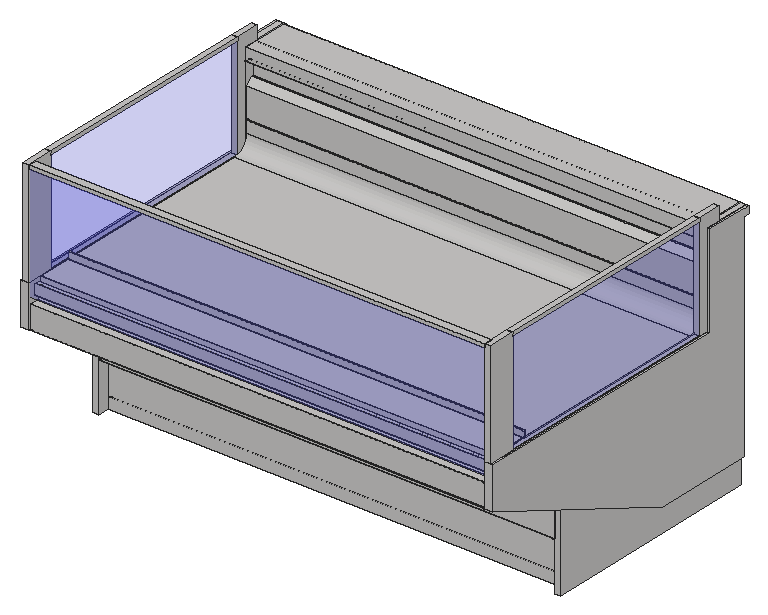
Revit family "QF_OSCARTEK_LA_CROSSE_SS_A1-1650_cat", category Specialty Equipment, Revit 2026 (continued)
Automatic sketch dimensions
  Extrusion 18 sketch curve to Extrusion 18 sketch curve = 0.02325"
  plane 1 "BACK" to Extrusion 18 sketch curve = 5.21207"
  level to Extrusion 18 sketch curve = 2.08661"
  Sweep 19 sketch curve to plane 10 = 0"
  Sweep 19 sketch curve to plane 9 = 0"
  Sweep 19 sketch curve to plane 5 "FRONT" = 2.09092"
  Sweep 19 sketch curve to profile plane = 0"
  profile plane to Sweep 19 sketch curve = 1.78771"
  Sweep 19 sketch curve to Sweep 19 sketch curve = 0.03976"
  Sweep 19 sketch curve to Sweep 19 sketch curve = 3.0314"
  Sweep 19 sketch curve to Sweep 19 sketch curve = 0.00363"  (x6)
  Sweep 19 sketch curve to Sweep 19 sketch curve = 5/128"
  Sweep 19 sketch curve to Sweep 19 sketch curve = 0.3378"
  Sweep 19 sketch curve to Sweep 19 sketch curve = 5/256"
  Sweep 19 sketch curve to Sweep 19 sketch curve = 0.23867"
  Sweep 19 sketch curve to Sweep 19 sketch curve = 0.01409"
  Sweep 19 sketch curve to Sweep 19 sketch curve = 0.03543"  (x2)
  Sweep 19 sketch curve to profile plane = 0.00363"  (x2)
  level to Sweep 19 sketch curve = 19.91032"
  Sweep 19 sketch curve to Sweep 19 sketch curve = 0.23146"
  Sweep 19 sketch curve to Sweep 19 sketch curve = 0.00629"
  Sweep 19 sketch curve to Sweep 19 sketch curve = 0.59055"
  Sweep 19 sketch curve to Sweep 19 sketch curve = 0.82157"
  Sweep 19 sketch curve to Sweep 19 sketch curve = 1.05154"
  Extrusion 20 sketch curve to plane 5 "FRONT" = 7.06757"
  Extrusion 20 sketch curve to Extrusion 20 sketch curve = 0.04331"
  Extrusion 20 sketch curve to Extrusion 20 sketch curve = 0.04724"
  Extrusion 20 sketch curve to Extrusion 20 sketch curve = 0.43307"
  Extrusion 20 sketch curve to Extrusion 20 sketch curve = 0.39648"
  Extrusion 20 sketch curve to Extrusion 20 sketch curve = 0.39764"
  Extrusion 20 sketch curve to Extrusion 20 sketch curve = 2.31837"
  Extrusion 20 sketch curve to Extrusion 20 sketch curve = 0.7125"
  Extrusion 20 sketch curve to Extrusion 20 sketch curve = 0.0657"
  Extrusion 20 sketch curve to Extrusion 20 sketch curve = 0.01502"
  Extrusion 20 sketch curve to Extrusion 20 sketch curve = 0.06733"
  Extrusion 20 sketch curve to Extrusion 20 sketch curve = 0.01044"  (x2)
  Extrusion 20 sketch curve to plane 8 "Center X" = 2.07507"
  Extrusion 20 sketch curve to Extrusion 20 sketch curve = 0.7874"
  Extrusion 20 sketch curve to Extrusion 20 sketch curve = 0.01028"
  plane 1 "BACK" to Extrusion 20 sketch curve = 8.84292"
  Extrusion 20 sketch curve to Extrusion 20 sketch curve = 0.51671"
  Extrusion 20 sketch curve to Extrusion 20 sketch curve = 0.00931"
  Extrusion 20 sketch curve to Extrusion 20 sketch curve = 0.07797"
  Extrusion 20 sketch curve to Extrusion 20 sketch curve = 0.02038"
  Extrusion 20 sketch curve to Extrusion 20 sketch curve = 0.06465"  (x2)
  Extrusion 20 sketch curve to Extrusion 20 sketch curve = 1.9762"
  Extrusion 20 sketch curve to Extrusion 20 sketch curve = 0.05836"
  Extrusion 20 sketch curve to Extrusion 20 sketch curve = 0.07874"  (x2)
  level to Extrusion 20 sketch curve = 14 111/256"
  Extrusion 20 sketch curve to Extrusion 20 sketch curve = 0.00723"
  Extrusion 20 sketch curve to Extrusion 20 sketch curve = 0.07317"
  Extrusion 20 sketch curve to Extrusion 20 sketch curve = 1.50293"
  Extrusion 20 sketch curve to Extrusion 20 sketch curve = 0.06594"
  Extrusion 20 sketch curve to Extrusion 20 sketch curve = 0.01232"
  Extrusion 20 sketch curve to Extrusion 20 sketch curve = 0.01277"
  Extrusion 20 sketch curve to Extrusion 20 sketch curve = 2.19771"
  Extrusion 20 sketch curve to Extrusion 20 sketch curve = 0.06628"
  Extrusion 20 sketch curve to Extrusion 20 sketch curve = 0.01096"
  Extrusion 20 sketch curve to Extrusion 20 sketch curve = 0.01732"  (x2)
  Extrusion 20 sketch curve to Extrusion 20 sketch curve = 2.6246"
  Extrusion 20 sketch curve to Extrusion 20 sketch curve = 1.04088"
  Extrusion 20 sketch curve to Extrusion 20 sketch curve = 0.03903"
  Extrusion 20 sketch curve to Extrusion 20 sketch curve = 5.29764"
  Extrusion 20 sketch curve to Extrusion 20 sketch curve = 1.01574"
  Extrusion 20 sketch curve to Extrusion 20 sketch curve = 0.86614"
  Extrusion 21 sketch curve to plane 6 "TOP" = 3.47229"
  Extrusion 21 sketch curve to Extrusion 21 sketch curve = 2.55918"
  Extrusion 21 sketch curve to Extrusion 21 sketch curve = 0.03543"  (x3)
  Extrusion 21 sketch curve to Extrusion 21 sketch curve = 0.90551"
  Extrusion 21 sketch curve to Extrusion 21 sketch curve = 3.5849"
  Extrusion 21 sketch curve to Extrusion 21 sketch curve = 0.25439"
  Extrusion 21 sketch curve to Extrusion 21 sketch curve = 0.30073"
  Extrusion 21 sketch curve to Extrusion 21 sketch curve = 0.04966"
  Extrusion 21 sketch curve to Extrusion 21 sketch curve = 0.05754"
  Extrusion 21 sketch curve to Extrusion 21 sketch curve = 0.03937"  (x3)
  Extrusion 21 sketch curve to Extrusion 21 sketch curve = 0.00787"
  Extrusion 21 sketch curve to Extrusion 21 sketch curve = 1.68504"
  Extrusion 21 sketch curve to Extrusion 21 sketch curve = 0"  (x3)
  Extrusion 21 sketch curve to Extrusion 21 sketch curve = 2.13385"
  plane 1 "BACK" to Extrusion 21 sketch curve = 4.76377"
  Extrusion 21 sketch curve to Extrusion 21 sketch curve = 0.7874"
  Extrusion 21 sketch curve to Extrusion 21 sketch curve = 0.24016"
  Extrusion 21 sketch curve to Extrusion 21 sketch curve = 1.31538"
  Extrusion 21 sketch curve to Extrusion 21 sketch curve = 0.06375"
  Extrusion 21 sketch curve to Extrusion 21 sketch curve = 0.47955"
  Extrusion 21 sketch curve to Extrusion 21 sketch curve = 0.00788"
  Extrusion 21 sketch curve to Extrusion 21 sketch curve = 0.03501"
  Extrusion 22 sketch curve to plane 6 "TOP" = 0"
  plane 1 "BACK" to Extrusion 22 sketch curve = 8.23817"
  Extrusion 22 sketch curve to Extrusion 22 sketch curve = 1.33543"
  Extrusion 22 sketch curve to Extrusion 22 sketch curve = 2.16457"
  Extrusion 22 sketch curve to plane 6 "TOP" = 1.87903"
  Extrusion 22 sketch curve to Extrusion 22 sketch curve = 13.16883"
  Extrusion 23 sketch curve to plane 5 "FRONT" = 0"
  Extrusion 23 sketch curve to plane 6 "TOP" = 0"
  Extrusion 23 sketch curve to plane 5 "FRONT" = 3.97745"
  Extrusion 23 sketch curve to plane 6 "TOP" = 15.04786"
  Extrusion 24 sketch curve to plane 5 "FRONT" = 0"
  Extrusion 24 sketch curve to plane 6 "TOP" = 0"
  Extrusion 24 sketch curve to Extrusion 24 sketch curve = 1.1684"
  Extrusion 24 sketch curve to plane 6 "TOP" = 1/2"
  Extrusion 22 to Extrusion 25 sketch curve = 0"
  Extrusion 25 sketch curve to Extrusion 22 = 0"  (x2)
  Extrusion 22 to Extrusion 25 sketch curve = 1/2"
  Extrusion 26 sketch curve to plane 5 "FRONT" = 0.19769"
  Extrusion 26 sketch curve to Extrusion 26 sketch curve = 0.78763"
  Extrusion 26 sketch curve to plane 6 "TOP" = 17.07173"
  Extrusion 26 sketch curve to plane 6 "TOP" = 1/2"
  Extrusion 27 sketch curve to Extrusion 27 sketch curve = 0"  (x2)
  Extrusion 27 sketch curve to Extrusion 13 = 1.59889"
  Extrusion 27 sketch curve to Extrusion 27 sketch curve = 0.51181"  (x2)
  Extrusion 13 to Extrusion 27 sketch curve = 7.92021"
  Extrusion 27 sketch curve to Extrusion 27 sketch curve = 0.22978"
  Extrusion 27 sketch curve to Extrusion 27 sketch curve = 0.45955"
  Extrusion 13 to Extrusion 28 sketch curve = 8.06963"  (x3)
  Extrusion 13 to Extrusion 28 sketch curve = 0.45275"  (x3)
  Extrusion 13 to Extrusion 28 sketch curve = 0.44636"  (x3)
  Extrusion 28 sketch curve to Extrusion 28 sketch curve = 0"  (x15)
  Extrusion 28 sketch curve to Extrusion 28 sketch curve = 0.95307"
  Extrusion 28 sketch curve to Extrusion 28 sketch curve = 0.39583"  (x5)
  Extrusion 28 sketch curve to Extrusion 28 sketch curve = 0.11799"  (x3)
  Extrusion 28 sketch curve to Extrusion 28 sketch curve = 0.00003"
  Extrusion 13 to Extrusion 28 sketch curve = 1.19197"  (x3)
  Extrusion 28 sketch curve to Extrusion 13 = 2.04677"  (x3)
  Extrusion 28 sketch curve to Extrusion 28 sketch curve = 15.2854"
  Extrusion 28 sketch curve to Extrusion 28 sketch curve = 0.38386"
  Extrusion 28 sketch curve to Extrusion 28 sketch curve = 0.76772"  (x2)
  Extrusion 28 sketch curve to Extrusion 28 sketch curve = 4.98227"
  Extrusion 28 sketch curve to Extrusion 28 sketch curve = 2.08267"
  Extrusion 28 sketch curve to Extrusion 28 sketch curve = 0.14173"  (x2)
  Extrusion 28 sketch curve to Extrusion 28 sketch curve = 0.52756"  (x4)
  Extrusion 28 sketch curve to Extrusion 28 sketch curve = 0.08268"  (x6)
  Split face 1 sketch curve to Extrusion 13 = 0"  (x2)
  Split face 1 sketch curve to Extrusion 13 = 0.05905"
  Split face 1 sketch curve to Extrusion 13 = 1/4"  (x3)
  Split face 1 sketch curve to Extrusion 13 = 0.05266"
  Split face 1 sketch curve to Split face 1 sketch curve = 1/4"
  Split face 2 sketch curve to Extrusion 13 = 0.0674"
  Split face 2 sketch curve to Split face 2 sketch curve = 1/4"
  Split face 2 sketch curve to Extrusion 13 = 0.3174"
  Extrusion 13 to Split face 2 sketch curve = 0.26134"  (x2)
  Split face 2 sketch curve to Extrusion 13 = 0.05265"
  Extrusion 13 to Split face 2 sketch curve = 0.01134"
  Split face 2 sketch curve to Split face 2 sketch curve = 14.77556"
  Split face 3 sketch curve to Extrusion 13 = 0.0674"
  Split face 3 sketch curve to Split face 3 sketch curve = 1/4"
  Split face 3 sketch curve to Extrusion 13 = 0.3174"
  Extrusion 13 to Split face 3 sketch curve = 0.26134"  (x2)
  Extrusion 13 to Split face 3 sketch curve = 0.01134"
  Split face 3 sketch curve to Extrusion 13 = 0.05905"
  Split face 3 sketch curve to Extrusion 13 = 15.61759"
  Extrusion 29 sketch curve to plane 1 "BACK" = 0"
  Extrusion 29 sketch curve to level = 0"
  level to Extrusion 29 sketch curve = 11.10182"
  Extrusion 29 sketch curve to plane 5 "FRONT" = 0.21761"
  Extrusion 29 sketch curve to Extrusion 29 sketch curve = 5.1016"
  Extrusion 29 sketch curve to Extrusion 29 sketch curve = 3.26807"
  Extrusion 29 sketch curve to plane 5 "FRONT" = 1.50447"
  Extrusion 29 sketch curve to Extrusion 29 sketch curve = 0.03543"
  Extrusion 29 sketch curve to Extrusion 29 sketch curve = 0.94811"
  Extrusion 29 sketch curve to Extrusion 29 sketch curve = 1.80961"
  Extrusion 29 sketch curve to plane 6 "TOP" = 3.00107"
  Extrusion 29 sketch curve to plane 6 "TOP" = 1.87903"
  Extrusion 29 sketch curve to Extrusion 29 sketch curve = 0.54739"
  Extrusion 29 sketch curve to plane 8 "Center X" = 10.21407"
  Extrusion 29 sketch curve to Extrusion 29 sketch curve = 6.90274"
  Extrusion 29 sketch curve to Extrusion 29 sketch curve = 0.7874"
  Extrusion 30 sketch curve to Extrusion 22 = 0"  (x2)
  Extrusion 22 to Extrusion 30 sketch curve = 0"
  Extrusion 22 to Extrusion 30 sketch curve = 1/2"
  Revolve 31 sketch curve to level = 0"  (x2)
  level to Revolve 31 sketch curve = 0.11858"
  plane 1 "BACK" to Revolve 31 sketch curve = 4.51771"
  level to Revolve 31 sketch curve = 0.22651"
  Revolve 31 sketch curve to Revolve 31 sketch curve = 0.04797"
  Revolve 31 sketch curve to Revolve 31 sketch curve = 0.33358"
  Revolve 31 sketch curve to Revolve 31 sketch curve = 0.09843"
  Revolve 31 sketch curve to Revolve 31 sketch curve = 0.03937"  (x5)
  Revolve 31 sketch curve to Revolve 31 sketch curve = 0.17716"
  Revolve 31 sketch curve to Revolve 31 sketch curve = 0.15748"
  Revolve 31 sketch curve to Revolve 31 sketch curve = 0.16766"
  Revolve 31 sketch curve to Revolve 31 sketch curve = 0.87354"
  Revolve 31 sketch curve to Revolve 31 sketch curve = 0.11024"
  Revolve 31 sketch curve to Revolve 31 sketch curve = 0.08211"
  Revolve 31 sketch curve to Revolve 31 sketch curve = 0.39052"
  Revolve 31 sketch curve to Revolve 31 sketch curve = 0.03919"
  Revolve 31 sketch curve to Revolve 31 sketch curve = 0"  (x2)
  Extrusion 32 sketch curve to plane 6 "TOP" = 0"
  plane 1 "BACK" to Extrusion 32 sketch curve = 8.23817"
  Extrusion 32 sketch curve to Extrusion 32 sketch curve = 1.33543"
  Extrusion 32 sketch curve to Extrusion 32 sketch curve = 2.16457"
  Extrusion 32 sketch curve to plane 6 "TOP" = 1.87903"
  Extrusion 32 sketch curve to Extrusion 32 sketch curve = 13.16883"
  Extrusion 33 sketch curve to plane 5 "FRONT" = 0"
  Extrusion 33 sketch curve to plane 6 "TOP" = 0"
  Extrusion 33 sketch curve to plane 5 "FRONT" = 3.97745"
  Extrusion 33 sketch curve to plane 6 "TOP" = 15.04786"
  Extrusion 34 sketch curve to Extrusion 32 = 0"  (x2)
  Extrusion 32 to Extrusion 34 sketch curve = 0"
  Extrusion 32 to Extrusion 34 sketch curve = 1/2"
  Extrusion 35 sketch curve to plane 1 "BACK" = 0"
  Extrusion 35 sketch curve to level = 0"
  level to Extrusion 35 sketch curve = 11.10182"
  Extrusion 35 sketch curve to plane 5 "FRONT" = 0.21761"
  Extrusion 35 sketch curve to Extrusion 35 sketch curve = 5.1016"
  Extrusion 35 sketch curve to Extrusion 35 sketch curve = 3.26807"
  Extrusion 35 sketch curve to plane 5 "FRONT" = 1.50447"
  Extrusion 35 sketch curve to Extrusion 35 sketch curve = 0.03543"
  Extrusion 35 sketch curve to Extrusion 35 sketch curve = 0.94811"
  Extrusion 35 sketch curve to Extrusion 35 sketch curve = 1.80961"
  Extrusion 35 sketch curve to plane 6 "TOP" = 3.00107"
  Extrusion 35 sketch curve to plane 6 "TOP" = 1.87903"
  Extrusion 35 sketch curve to Extrusion 35 sketch curve = 0.7874"
  Extrusion 35 sketch curve to Extrusion 35 sketch curve = 6.11534"
  Extrusion 35 sketch curve to plane 8 "Center X" = 10.21407"
  Extrusion 35 sketch curve to Extrusion 35 sketch curve = 0.54739"
  Extrusion 32 to Extrusion 36 sketch curve = 0"
  Extrusion 36 sketch curve to Extrusion 32 = 0"  (x2)
  Extrusion 32 to Extrusion 36 sketch curve = 1/2"
  Extrusion 23 to Extrusion 37 sketch curve = 0"
  Extrusion 37 sketch curve to Extrusion 23 = 0"
  Extrusion 23 to Extrusion 37 sketch curve = 26.24179"
  Extrusion 37 sketch curve to Extrusion 37 sketch curve = 8.25302"
  Extrusion 37 sketch curve to Extrusion 23 = 3.00107"
  Extrusion 37 sketch curve to Extrusion 37 sketch curve = 6.11534"
  Extrusion 37 sketch curve to Extrusion 37 sketch curve = 0.7874"
  Extrusion 37 sketch curve to Extrusion 37 sketch curve = 1.12205"
  Extrusion 23 to Extrusion 37 sketch curve = 5.97063"
  Extrusion 23 to Extrusion 37 sketch curve = 18.54969"
  Extrusion 38 sketch curve to plane 5 "FRONT" = 0"
  Extrusion 38 sketch curve to plane 1 "BACK" = 0"
  level to Extrusion 38 sketch curve = 3.71495"
  plane 8 "Center X" to Extrusion 38 sketch curve = 7.53174"
  plane 1 "BACK" to Extrusion 38 sketch curve = 6.90274"
  Extrusion 38 sketch curve to Extrusion 38 sketch curve = 0.7874"
  level to Extrusion 38 sketch curve = 16.29401"
  Extrusion 38 sketch curve to plane 6 "TOP" = 15.04786"
  Extrusion 38 sketch curve to plane 6 "TOP" = 3.00107"
  Extrusion 38 sketch curve to Extrusion 38 sketch curve = 1.12205"
  Extrusion 39 sketch curve to Extrusion 39 sketch curve = 0"  (x3)
  Extrusion 39 sketch curve to Extrusion 33 = 1.00501"
  Extrusion 39 sketch curve to Extrusion 39 sketch curve = 1/16"  (x6)
  Extrusion 39 sketch curve to Extrusion 39 sketch curve = 0.46555"
  Extrusion 39 sketch curve to Extrusion 39 sketch curve = 0.18296"
  Extrusion 39 sketch curve to Extrusion 39 sketch curve = 0.0825"  (x2)
  Extrusion 39 sketch curve to Extrusion 39 sketch curve = 0.01013"  (x2)
  Extrusion 33 to Extrusion 39 sketch curve = 2.00832"
  Extrusion 39 sketch curve to Extrusion 39 sketch curve = 0.3312"
  Extrusion 39 sketch curve to Extrusion 39 sketch curve = 0.23278"
  Extrusion 33 to Extrusion 39 sketch curve = 0.55507"
  Revolve 40 sketch curve to level = 0"  (x2)
  level to Revolve 40 sketch curve = 0.11858"
  plane 1 "BACK" to Revolve 40 sketch curve = 4.51771"
  level to Revolve 40 sketch curve = 0.22651"
  Revolve 40 sketch curve to Revolve 40 sketch curve = 0.04797"
  Revolve 40 sketch curve to Revolve 40 sketch curve = 0.33358"
  Revolve 40 sketch curve to Revolve 40 sketch curve = 0.09843"
  Revolve 40 sketch curve to Revolve 40 sketch curve = 0.03937"  (x5)
  Revolve 40 sketch curve to Revolve 40 sketch curve = 0.17716"
  Revolve 40 sketch curve to Revolve 40 sketch curve = 0.15748"
  Revolve 40 sketch curve to Revolve 40 sketch curve = 0.16766"
  Revolve 40 sketch curve to Revolve 40 sketch curve = 0.87354"
  Revolve 40 sketch curve to Revolve 40 sketch curve = 0.11024"
  Revolve 40 sketch curve to Revolve 40 sketch curve = 0.08211"
  Revolve 40 sketch curve to Revolve 40 sketch curve = 0.39052"
  Revolve 40 sketch curve to Revolve 40 sketch curve = 0.03919"
  Revolve 40 sketch curve to Revolve 40 sketch curve = 0"  (x2)
  Revolve 41 sketch curve to level = 0"  (x2)
  level to Revolve 41 sketch curve = 0.11858"
  Revolve 41 sketch curve to plane 8 "Center X" = 8.40496"
  level to Revolve 41 sketch curve = 0.22651"
  Revolve 41 sketch curve to Revolve 41 sketch curve = 0.04797"
  Revolve 41 sketch curve to Revolve 41 sketch curve = 0.33358"
  Revolve 41 sketch curve to Revolve 41 sketch curve = 0.09843"
  Revolve 41 sketch curve to Revolve 41 sketch curve = 0.03937"  (x4)
  Revolve 41 sketch curve to Revolve 41 sketch curve = 0.17716"
  level to Revolve 41 sketch curve = 1.92913"
  level to Revolve 41 sketch curve = 1.9685"
  Revolve 41 sketch curve to Revolve 41 sketch curve = 0.15748"
  Revolve 41 sketch curve to Revolve 41 sketch curve = 0.03919"
  Revolve 41 sketch curve to Revolve 41 sketch curve = 0.39052"
  Revolve 41 sketch curve to Revolve 41 sketch curve = 0.08211"
  Revolve 41 sketch curve to Revolve 41 sketch curve = 0.11024"
  Revolve 41 sketch curve to Revolve 41 sketch curve = 0.16766"
  Revolve 41 sketch curve to Revolve 41 sketch curve = 0"  (x2)
  Extrusion 42 sketch curve to Extrusion 12 = 4 5/16"  (x2)
  Extrusion 42 sketch curve to Extrusion 12 = 4 15/16"  (x2)
  Extrusion 12 to Extrusion 42 sketch curve = 2.8568"  (x2)
  Extrusion 42 sketch curve to Extrusion 12 = 5.08065"  (x2)
  plane 1 "BACK" to curve 19 = 0"
  curve 19 to plane 3 "LEFT" = 0"
  curve 18 to plane 11 = 0"
  curve 4 to plane 10 = 0"
  plane 5 "FRONT" to curve 24 = 0"
  curve 24 to plane 12 = 0"
  curve 24 to plane 4 "RIGHT" = 0"
  plane 1 "BACK" to curve 11 = 4.73817"
  curve 6 to plane 10 = 5/128"
  plane 10 to curve 26 = 3"
  curve 27 to plane 9 = 3"
  plane 9 to curve 7 = 0.0191"
  curve 2 to plane 5 "FRONT" = 1.1684"
  curve 2 to curve 3 = 0.42716"
  curve 3 to curve 4 = 0.27559"
  curve 4 to curve 5 = 0.21977"
  curve 5 to curve 18 = 1.88652"
  curve 5 to curve 17 = 1.88652"
  curve 18 to curve 26 = 3.17674"
  curve 27 to curve 12 = 4.10404"
  curve 6 to curve 16 = 2.15171"
  curve 6 to curve 7 = 0.60447"
  curve 28 to plane 9 = 0"
  curve 28 to curve 6 = 1.95233"
  Split face 4 sketch curve to cut or joined group of Extrusion 20, Extrusion 21 = 0"  (x2)
  cut or joined group of Extrusion 20, Extrusion 21 to Split face 4 sketch curve = 0"
  Split face 4 sketch curve to cut or joined group of Extrusion 20, Extrusion 21 = 3"  (x2)
  radius of Extrusion 28 sketch curve = 0.19685"  (x11)
  radius of Extrusion 42 sketch curve = 1/2"  (x4)
Connectors (in)
  electrical at (8.87793, -2.4744, 3.51857), driven by "Volts"
    settings: on Extrusion 27, index 1, voltage 208 V, apparent load 0 VA, apparent load phase1 0 VA, apparent load phase2 0 VA, apparent load phase3 0 VA, power factor 1, load classification "Other", number of poles 1, system type 30, power factor state 1, is connector primary yes, connector utility no, sub classification motor no, connector description "ELECTRICAL CONNECTION"
  piping at (6.125, -24.25, 1.17421), diameter 0.25, driven by "Indirect Waste Size"
    settings: on Extrusion 42, index 2, connector inside diameter 24", connector length 0", flow factor 0, pipe flow 0 GPM, pressure drop 0.00 psi, fitting loss kfactor 0, connector angle 0.00°, fixture units 0, engagement length 0", angle of deflection 0.00°, flow configuration 1, flow direction 2, fitting loss method 0, system type 16, joint type 0, gender type 0, connector reference index -1, connector utility 0, adjustable connector no, is connector primary yes, connector description "DRAIN"
  piping at (61.1875, -24.25, 1.17421), diameter 0.25, driven by "Indirect Waste Size"
    settings: on Extrusion 42, index 3, connector inside diameter 24", connector length 0", flow factor 0, pipe flow 0 GPM, pressure drop 0.00 psi, fitting loss kfactor 0, connector angle 0.00°, fixture units 0, engagement length 0", angle of deflection 0.00°, flow configuration 1, flow direction 2, fitting loss method 0, system type 16, joint type 0, gender type 0, connector reference index -1, connector utility 0, adjustable connector no, is connector primary no, connector description "DRAIN"
  piping at (61.8125, -7.1875, 1.17421), diameter 0.375
    settings: on Extrusion 42, index 4, connector inside diameter 24", connector length 0", flow factor 0, pipe flow 0 GPM, pressure drop 0.00 psi, fitting loss kfactor 0, connector angle 0.00°, fixture units 0, engagement length 0", angle of deflection 0.00°, flow configuration 1, flow direction 1, fitting loss method 0, system type 7, joint type 0, gender type 0, connector reference index -1, connector utility 0, adjustable connector no, is connector primary no, connector description "LIQUID LINE"
  piping at (5.5, -7.1875, 1.17421), diameter 0.625
    settings: on Extrusion 42, index 5, connector inside diameter 24", connector length 0", flow factor 0, pipe flow 0 GPM, pressure drop 0.00 psi, fitting loss kfactor 0, connector angle 0.00°, fixture units 0, engagement length 0", angle of deflection 0.00°, flow configuration 1, flow direction 1, fitting loss method 0, system type 7, joint type 0, gender type 0, connector reference index -1, connector utility 0, adjustable connector no, is connector primary no, connector description "SUCTION LINE"
